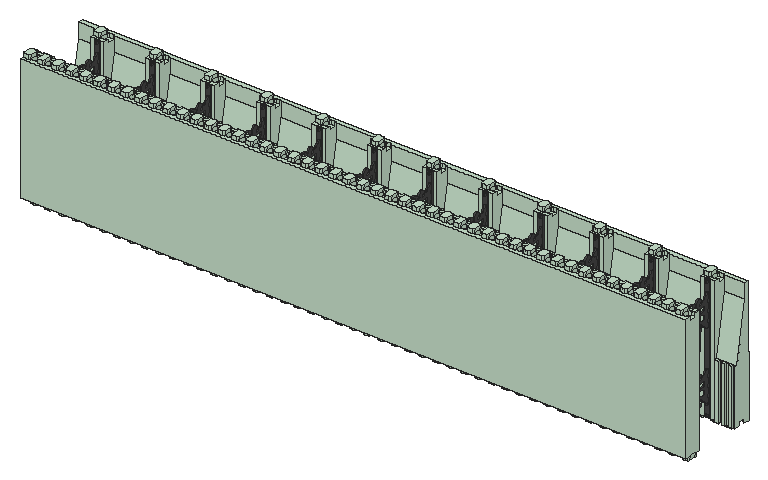
Revit family (continued)
Cuts and joins
  Extrusion 50, Extrusion 51, Extrusion 52, Extrusion 53, Extrusion 54, Extrusion 55, Extrusion 56, Extrusion 57, Extrusion 58, Extrusion 59, Extrusion 60, Extrusion 61, Extrusion 110, Extrusion 111, Extrusion 112, Extrusion 113, Extrusion 114, Extrusion 115, Extrusion 116, Extrusion 117, Extrusion 118, Extrusion 119, Extrusion 120, Extrusion 121, Extrusion 122, Extrusion 123, Extrusion 124, Extrusion 125, Extrusion 126, Extrusion 127, Extrusion 128, Extrusion 129, Extrusion 130, Extrusion 131, Extrusion 132, Extrusion 133, Extrusion 134, Extrusion 135, Extrusion 136, Extrusion 137, Extrusion 138, Extrusion 139, Extrusion 140, Extrusion 141, Extrusion 142, Extrusion 143, Extrusion 144, Extrusion 145, Extrusion 146, Extrusion 147, Extrusion 148, Extrusion 149, Extrusion 150, Extrusion 151, Extrusion 152, Extrusion 153, Extrusion 154, Extrusion 155, Extrusion 156, Extrusion 157 cuts Extrusion 158
  Extrusion 61 cuts Extrusion 159
  Extrusion 60 cuts Extrusion 160
  Extrusion 59 cuts Extrusion 161
  Extrusion 58 cuts Extrusion 162
  Extrusion 57 cuts Extrusion 163
  Extrusion 56 cuts Extrusion 164
  Extrusion 55 cuts Extrusion 165
  Extrusion 54 cuts Extrusion 166
  Extrusion 53 cuts Extrusion 168
  Extrusion 52 cuts Extrusion 169
  Extrusion 51 cuts Extrusion 170
  Extrusion 50 cuts Extrusion 171
  joined: Extrusion 158, Extrusion 159, Extrusion 160, Extrusion 161, Extrusion 162, Extrusion 163, Extrusion 164, Extrusion 165, Extrusion 166, Extrusion 168, Extrusion 169, Extrusion 170, Extrusion 171, Extrusion 172
  Extrusion 53 cuts Extrusion 167
Lines and regions (mm)
  model lines
    curve 1: line (203.2, -142.856, 457.2) -> (203.2, -142.856, 0)
    curve 2: line (2235.2, 142.894, 457.2) -> (2235.2, 142.894, 0)
    curve 3: line (1625.6, 142.894, 457.2) -> (1625.6, 142.894, 0)
    curve 4: line (1016, 142.894, 457.2) -> (1016, 142.894, 0)
    curve 5: line (406.4, 142.894, 457.2) -> (406.4, 142.894, 0)
Dimensions and locks
  aligned and locked: level to plane 2
  aligned and locked: level to Extrusion 1
Nested families
  nested 1: "NUDURA Diamond Pattern" at (0, 0.019, 0), type "NUDURA Diamond Pattern"
  nested 2: "NUDURA Diamond Pattern" at (406.4, 0.019, 0), type "NUDURA Diamond Pattern"
  nested 3: "NUDURA Diamond Pattern" at (609.6, 0.019, 0), type "NUDURA Diamond Pattern"
  nested 4: "NUDURA Diamond Pattern" at (1016, 0.019, 0), type "NUDURA Diamond Pattern"
  nested 5: "NUDURA Diamond Pattern" at (1219.2, 0.019, 0), type "NUDURA Diamond Pattern"
  nested 6: "NUDURA Diamond Pattern" at (1625.6, 0.019, 0), type "NUDURA Diamond Pattern"
  nested 7: "NUDURA Diamond Pattern" at (1828.8, 0.019, 0), type "NUDURA Diamond Pattern"
  nested 8: "NUDURA Diamond Pattern" at (2235.2, 0.019, 0), type "NUDURA Diamond Pattern"
  nested 9: "NUDURA Diamond Pattern" at (0, 0.019, 0), type "NUDURA Diamond Pattern"
  nested 10: "NUDURA Diamond Pattern" at (406.4, 0.019, 0), type "NUDURA Diamond Pattern"
  nested 11: "NUDURA Diamond Pattern" at (609.6, 0.019, 0), type "NUDURA Diamond Pattern"
  nested 12: "NUDURA Diamond Pattern" at (1016, 0.019, 0), type "NUDURA Diamond Pattern"
  nested 13: "NUDURA Diamond Pattern" at (1219.2, 0.019, 0), type "NUDURA Diamond Pattern"
  nested 14: "NUDURA Diamond Pattern" at (1625.6, 0.019, 0), type "NUDURA Diamond Pattern"
  nested 15: "NUDURA Diamond Pattern" at (1828.8, 0.019, 0), type "NUDURA Diamond Pattern"
  nested 16: "NUDURA Diamond Pattern" at (2235.2, 0.019, 0), type "NUDURA Diamond Pattern"
  nested 17: "Interlock Tooth" at (0, 0.019, 0), type "Interlock Tooth"
  nested 18: "Interlock Tooth" at (50.8, 0.019, 0), type "Interlock Tooth"
  nested 19: "Interlock Tooth" at (101.6, 0.019, 0), type "Interlock Tooth"
  nested 20: "Interlock Tooth" at (152.4, 0.019, 0), type "Interlock Tooth"
  nested 21: "Interlock Tooth" at (203.2, 0.019, 0), type "Interlock Tooth"
  nested 22: "Interlock Tooth" at (254, 0.019, 0), type "Interlock Tooth"
  nested 23: "Interlock Tooth" at (304.8, 0.019, 0), type "Interlock Tooth"
  nested 24: "Interlock Tooth" at (355.6, 0.019, 0), type "Interlock Tooth"
  nested 25: "Interlock Tooth" at (406.4, 0.019, 0), type "Interlock Tooth"
  nested 26: "Interlock Tooth" at (457.2, 0.019, 0), type "Interlock Tooth"
  nested 27: "Interlock Tooth" at (508, 0.019, 0), type "Interlock Tooth"
  nested 28: "Interlock Tooth" at (558.8, 0.019, 0), type "Interlock Tooth"
  nested 29: "Interlock Tooth" at (609.6, 0.019, 0), type "Interlock Tooth"
  nested 30: "Interlock Tooth" at (660.4, 0.019, 0), type "Interlock Tooth"
  nested 31: "Interlock Tooth" at (711.2, 0.019, 0), type "Interlock Tooth"
  nested 32: "Interlock Tooth" at (762, 0.019, 0), type "Interlock Tooth"
  nested 33: "Interlock Tooth" at (812.8, 0.019, 0), type "Interlock Tooth"
  nested 34: "Interlock Tooth" at (863.6, 0.019, 0), type "Interlock Tooth"
  nested 35: "Interlock Tooth" at (914.4, 0.019, 0), type "Interlock Tooth"
  nested 36: "Interlock Tooth" at (965.2, 0.019, 0), type "Interlock Tooth"
  nested 37: "Interlock Tooth" at (1016, 0.019, 0), type "Interlock Tooth"
  nested 38: "Interlock Tooth" at (1066.8, 0.019, 0), type "Interlock Tooth"
  nested 39: "Interlock Tooth" at (1117.6, 0.019, 0), type "Interlock Tooth"
  nested 40: "Interlock Tooth" at (1168.4, 0.019, 0), type "Interlock Tooth"
  nested 41: "Interlock Tooth" at (1219.2, 0.019, 0), type "Interlock Tooth"
  nested 42: "Interlock Tooth" at (1270, 0.019, 0), type "Interlock Tooth"
  nested 43: "Interlock Tooth" at (1320.8, 0.019, 0), type "Interlock Tooth"
  nested 44: "Interlock Tooth" at (1371.6, 0.019, 0), type "Interlock Tooth"
  nested 45: "Interlock Tooth" at (1422.4, 0.019, 0), type "Interlock Tooth"
  nested 46: "Interlock Tooth" at (1473.2, 0.019, 0), type "Interlock Tooth"
  nested 47: "Interlock Tooth" at (1524, 0.019, 0), type "Interlock Tooth"
  nested 48: "Interlock Tooth" at (1574.8, 0.019, 0), type "Interlock Tooth"
  nested 49: "Interlock Tooth" at (1625.6, 0.019, 0), type "Interlock Tooth"
  nested 50: "Interlock Tooth" at (1676.4, 0.019, 0), type "Interlock Tooth"
  nested 51: "Interlock Tooth" at (1727.2, 0.019, 0), type "Interlock Tooth"
  nested 52: "Interlock Tooth" at (1778, 0.019, 0), type "Interlock Tooth"
  nested 53: "Interlock Tooth" at (1828.8, 0.019, 0), type "Interlock Tooth"
  nested 54: "Interlock Tooth" at (1879.6, 0.019, 0), type "Interlock Tooth"
  nested 55: "Interlock Tooth" at (1930.4, 0.019, 0), type "Interlock Tooth"
  nested 56: "Interlock Tooth" at (1981.2, 0.019, 0), type "Interlock Tooth"
  nested 57: "Interlock Tooth" at (2032, 0.019, 0), type "Interlock Tooth"
  nested 58: "Interlock Tooth" at (2082.8, 0.019, 0), type "Interlock Tooth"
  nested 59: "Interlock Tooth" at (2133.6, 0.019, 0), type "Interlock Tooth"
  nested 60: "Interlock Tooth" at (2184.4, 0.019, 0), type "Interlock Tooth"
  nested 61: "Interlock Tooth" at (2235.2, 0.019, 0), type "Interlock Tooth"
  nested 62: "Interlock Tooth" at (2286, 0.019, 0), type "Interlock Tooth"
  nested 63: "Interlock Tooth" at (2336.8, 0.019, 0), type "Interlock Tooth"
  nested 64: "Interlock Tooth" at (2387.6, 0.019, 0), type "Interlock Tooth"
  nested 65: "Interlock Tooth" at (76.2, 225.444, 0), type "Interlock Tooth"
  nested 66: "Interlock Tooth" at (279.4, 225.444, 0), type "Interlock Tooth"
  nested 67: "Interlock Tooth" at (482.6, 225.444, 0), type "Interlock Tooth"
  nested 68: "Interlock Tooth" at (685.8, 225.444, 0), type "Interlock Tooth"
  nested 69: "Interlock Tooth" at (889, 225.444, 0), type "Interlock Tooth"
  nested 70: "Interlock Tooth" at (1092.2, 225.444, 0), type "Interlock Tooth"
  nested 71: "Interlock Tooth" at (1295.4, 225.444, 0), type "Interlock Tooth"
  nested 72: "Interlock Tooth" at (1498.6, 225.444, 0), type "Interlock Tooth"
  nested 73: "Interlock Tooth" at (1701.8, 225.444, 0), type "Interlock Tooth"
  nested 74: "Interlock Tooth" at (1905, 225.444, 0), type "Interlock Tooth"
  nested 75: "Interlock Tooth" at (2108.2, 225.444, 0), type "Interlock Tooth"
  nested 76: "Interlock Tooth" at (2311.4, 225.444, 0), type "Interlock Tooth"
  nested 77: "Interlock Tooth" at (25.4, -225.406, -469.9), type "Interlock Tooth"
  nested 78: "Interlock Tooth" at (76.2, -225.406, -469.9), type "Interlock Tooth"
  nested 79: "Interlock Tooth" at (127, -225.406, -469.9), type "Interlock Tooth"
  nested 80: "Interlock Tooth" at (177.8, -225.406, -469.9), type "Interlock Tooth"
  nested 81: "Interlock Tooth" at (228.6, -225.406, -469.9), type "Interlock Tooth"
  nested 82: "Interlock Tooth" at (279.4, -225.406, -469.9), type "Interlock Tooth"
  nested 83: "Interlock Tooth" at (330.2, -225.406, -469.9), type "Interlock Tooth"
  nested 84: "Interlock Tooth" at (381, -225.406, -469.9), type "Interlock Tooth"
  nested 85: "Interlock Tooth" at (431.8, -225.406, -469.9), type "Interlock Tooth"
  nested 86: "Interlock Tooth" at (482.6, -225.406, -469.9), type "Interlock Tooth"
  nested 87: "Interlock Tooth" at (533.4, -225.406, -469.9), type "Interlock Tooth"
  nested 88: "Interlock Tooth" at (584.2, -225.406, -469.9), type "Interlock Tooth"
  nested 89: "Interlock Tooth" at (635, -225.406, -469.9), type "Interlock Tooth"
  nested 90: "Interlock Tooth" at (685.8, -225.406, -469.9), type "Interlock Tooth"
  nested 91: "Interlock Tooth" at (736.6, -225.406, -469.9), type "Interlock Tooth"
  nested 92: "Interlock Tooth" at (787.4, -225.406, -469.9), type "Interlock Tooth"
  nested 93: "Interlock Tooth" at (838.2, -225.406, -469.9), type "Interlock Tooth"
  nested 94: "Interlock Tooth" at (889, -225.406, -469.9), type "Interlock Tooth"
  nested 95: "Interlock Tooth" at (939.8, -225.406, -469.9), type "Interlock Tooth"
  nested 96: "Interlock Tooth" at (990.6, -225.406, -469.9), type "Interlock Tooth"
  nested 97: "Interlock Tooth" at (1041.4, -225.406, -469.9), type "Interlock Tooth"
  nested 98: "Interlock Tooth" at (1092.2, -225.406, -469.9), type "Interlock Tooth"
  nested 99: "Interlock Tooth" at (1143, -225.406, -469.9), type "Interlock Tooth"
  nested 100: "Interlock Tooth" at (1193.8, -225.406, -469.9), type "Interlock Tooth"
  nested 101: "Interlock Tooth" at (1244.6, -225.406, -469.9), type "Interlock Tooth"
  nested 102: "Interlock Tooth" at (1295.4, -225.406, -469.9), type "Interlock Tooth"
  nested 103: "Interlock Tooth" at (1346.2, -225.406, -469.9), type "Interlock Tooth"
  nested 104: "Interlock Tooth" at (1397, -225.406, -469.9), type "Interlock Tooth"
  nested 105: "Interlock Tooth" at (1447.8, -225.406, -469.9), type "Interlock Tooth"
  nested 106: "Interlock Tooth" at (1498.6, -225.406, -469.9), type "Interlock Tooth"
  nested 107: "Interlock Tooth" at (1549.4, -225.406, -469.9), type "Interlock Tooth"
  nested 108: "Interlock Tooth" at (1600.2, -225.406, -469.9), type "Interlock Tooth"
  nested 109: "Interlock Tooth" at (1651, -225.406, -469.9), type "Interlock Tooth"
  nested 110: "Interlock Tooth" at (1701.8, -225.406, -469.9), type "Interlock Tooth"
  nested 111: "Interlock Tooth" at (1752.6, -225.406, -469.9), type "Interlock Tooth"
  nested 112: "Interlock Tooth" at (1803.4, -225.406, -469.9), type "Interlock Tooth"
  nested 113: "Interlock Tooth" at (1854.2, -225.406, -469.9), type "Interlock Tooth"
  nested 114: "Interlock Tooth" at (1905, -225.406, -469.9), type "Interlock Tooth"
  nested 115: "Interlock Tooth" at (1955.8, -225.406, -469.9), type "Interlock Tooth"
  nested 116: "Interlock Tooth" at (2006.6, -225.406, -469.9), type "Interlock Tooth"
  nested 117: "Interlock Tooth" at (2057.4, -225.406, -469.9), type "Interlock Tooth"
  nested 118: "Interlock Tooth" at (2108.2, -225.406, -469.9), type "Interlock Tooth"
  nested 119: "Interlock Tooth" at (2159, -225.406, -469.9), type "Interlock Tooth"
  nested 120: "Interlock Tooth" at (2209.8, -225.406, -469.9), type "Interlock Tooth"
  nested 121: "Interlock Tooth" at (2260.6, -225.406, -469.9), type "Interlock Tooth"
  nested 122: "Interlock Tooth" at (2311.4, -225.406, -469.9), type "Interlock Tooth"
  nested 123: "Interlock Tooth" at (2362.2, -225.406, -469.9), type "Interlock Tooth"
  nested 124: "Interlock Tooth" at (2413, -225.406, -469.9), type "Interlock Tooth"
  nested 125: "Interlock Tooth" at (0, 0.019, -469.9), type "Interlock Tooth"
  nested 126: "Interlock Tooth" at (50.8, 0.019, -469.9), type "Interlock Tooth"
  nested 127: "Interlock Tooth" at (101.6, 0.019, -469.9), type "Interlock Tooth"
  nested 128: "Interlock Tooth" at (152.4, 0.019, -469.9), type "Interlock Tooth"
  nested 129: "Interlock Tooth" at (203.2, 0.019, -469.9), type "Interlock Tooth"
  nested 130: "Interlock Tooth" at (254, 0.019, -469.9), type "Interlock Tooth"
  nested 131: "Interlock Tooth" at (304.8, 0.019, -469.9), type "Interlock Tooth"
  nested 132: "Interlock Tooth" at (355.6, 0.019, -469.9), type "Interlock Tooth"
  nested 133: "Interlock Tooth" at (406.4, 0.019, -469.9), type "Interlock Tooth"
  nested 134: "Interlock Tooth" at (457.2, 0.019, -469.9), type "Interlock Tooth"
  nested 135: "Interlock Tooth" at (508, 0.019, -469.9), type "Interlock Tooth"
  nested 136: "Interlock Tooth" at (558.8, 0.019, -469.9), type "Interlock Tooth"
  nested 137: "Interlock Tooth" at (609.6, 0.019, -469.9), type "Interlock Tooth"
  nested 138: "Interlock Tooth" at (660.4, 0.019, -469.9), type "Interlock Tooth"
  nested 139: "Interlock Tooth" at (711.2, 0.019, -469.9), type "Interlock Tooth"
  nested 140: "Interlock Tooth" at (762, 0.019, -469.9), type "Interlock Tooth"
  nested 141: "Interlock Tooth" at (812.8, 0.019, -469.9), type "Interlock Tooth"
  nested 142: "Interlock Tooth" at (863.6, 0.019, -469.9), type "Interlock Tooth"
  nested 143: "Interlock Tooth" at (914.4, 0.019, -469.9), type "Interlock Tooth"
  nested 144: "Interlock Tooth" at (965.2, 0.019, -469.9), type "Interlock Tooth"
  nested 145: "Interlock Tooth" at (1016, 0.019, -469.9), type "Interlock Tooth"
  nested 146: "Interlock Tooth" at (1066.8, 0.019, -469.9), type "Interlock Tooth"
  nested 147: "Interlock Tooth" at (1117.6, 0.019, -469.9), type "Interlock Tooth"
  nested 148: "Interlock Tooth" at (1168.4, 0.019, -469.9), type "Interlock Tooth"
  nested 149: "Interlock Tooth" at (1219.2, 0.019, -469.9), type "Interlock Tooth"
  nested 150: "Interlock Tooth" at (1270, 0.019, -469.9), type "Interlock Tooth"
  nested 151: "Interlock Tooth" at (1320.8, 0.019, -469.9), type "Interlock Tooth"
  nested 152: "Interlock Tooth" at (1371.6, 0.019, -469.9), type "Interlock Tooth"
  nested 153: "Interlock Tooth" at (1422.4, 0.019, -469.9), type "Interlock Tooth"
  nested 154: "Interlock Tooth" at (1473.2, 0.019, -469.9), type "Interlock Tooth"
  nested 155: "Interlock Tooth" at (1524, 0.019, -469.9), type "Interlock Tooth"
  nested 156: "Interlock Tooth" at (1574.8, 0.019, -469.9), type "Interlock Tooth"
  nested 157: "Interlock Tooth" at (1625.6, 0.019, -469.9), type "Interlock Tooth"
  nested 158: "Interlock Tooth" at (1676.4, 0.019, -469.9), type "Interlock Tooth"
  nested 159: "Interlock Tooth" at (1727.2, 0.019, -469.9), type "Interlock Tooth"
  nested 160: "Interlock Tooth" at (1778, 0.019, -469.9), type "Interlock Tooth"
  nested 161: "Interlock Tooth" at (1828.8, 0.019, -469.9), type "Interlock Tooth"
  nested 162: "Interlock Tooth" at (1879.6, 0.019, -469.9), type "Interlock Tooth"
  nested 163: "Interlock Tooth" at (1930.4, 0.019, -469.9), type "Interlock Tooth"
  nested 164: "Interlock Tooth" at (1981.2, 0.019, -469.9), type "Interlock Tooth"
  nested 165: "Interlock Tooth" at (2032, 0.019, -469.9), type "Interlock Tooth"
  nested 166: "Interlock Tooth" at (2082.8, 0.019, -469.9), type "Interlock Tooth"
  nested 167: "Interlock Tooth" at (2133.6, 0.019, -469.9), type "Interlock Tooth"
  nested 168: "Interlock Tooth" at (2184.4, 0.019, -469.9), type "Interlock Tooth"
  nested 169: "Interlock Tooth" at (2235.2, 0.019, -469.9), type "Interlock Tooth"
  nested 170: "Interlock Tooth" at (2286, 0.019, -469.9), type "Interlock Tooth"
  nested 171: "Interlock Tooth" at (2336.8, 0.019, -469.9), type "Interlock Tooth"
  nested 172: "Interlock Tooth" at (2387.6, 0.019, -469.9), type "Interlock Tooth"
  nested 173: "6-inch Web" at (101.6, 0.146, 0), type "6-inch Web"
  nested 174: "6-inch Web" at (304.8, 0.146, 0), type "6-inch Web"
  nested 175: "6-inch Web" at (508, 0.146, 0), type "6-inch Web"
  nested 176: "6-inch Web" at (711.2, 0.146, 0), type "6-inch Web"
  nested 177: "6-inch Web" at (914.4, 0.146, 0), type "6-inch Web"
  nested 178: "6-inch Web" at (1117.6, 0.146, 0), type "6-inch Web"
  nested 179: "6-inch Web" at (1320.8, 0.146, 0), type "6-inch Web"
  nested 180: "6-inch Web" at (1524, 0.146, 0), type "6-inch Web"
  nested 181: "6-inch Web" at (1727.2, 0.146, 0), type "6-inch Web"
  nested 182: "6-inch Web" at (1930.4, 0.146, 0), type "6-inch Web"
  nested 183: "6-inch Web" at (2133.6, 0.146, 0), type "6-inch Web"
  nested 184: "6-inch Web" at (2336.8, 0.146, 0), type "6-inch Web"
  nested 185: "NUDURA Logo Diamond" at (0, -142.856, 0), type "NUDURA Logo Diamond"
  nested 186: "NUDURA Logo Diamond" at (609.6, -142.856, 0), type "NUDURA Logo Diamond"
  nested 187: "NUDURA Logo Diamond" at (1219.2, -142.856, 0), type "NUDURA Logo Diamond"
  nested 188: "NUDURA Logo Diamond" at (1828.8, -142.856, 0), type "NUDURA Logo Diamond"
  nested 189: "NUDURA Logo Diamond" at (2438.335, 142.894, 0) x (-1, 0, 0) z (0, 0, 1), type "NUDURA Logo Diamond"
  nested 190: "NUDURA Logo Diamond" at (1828.735, 142.894, 0) x (-1, 0, 0) z (0, 0, 1), type "NUDURA Logo Diamond"
  nested 191: "NUDURA Logo Diamond" at (1219.135, 142.894, 0) x (-1, 0, 0) z (0, 0, 1), type "NUDURA Logo Diamond"
  nested 192: "NUDURA Logo Diamond" at (609.535, 142.894, 0) x (-1, 0, 0) z (0, 0, 1), type "NUDURA Logo Diamond"
Definition of nested family "Interlock Tooth"
  Reference planes
    plane 1 "Center (Front/Back)": y = 0
    plane 2: z = 0
    plane 3 "Center (Left/Right)": x = 0
    plane 4: z = 457.2
    plane 5: z = 469.9
    plane 6: z = -12.7
  Forms (mm)
    Extrusion 1, solid, material "EPS- NUDURA- Foam Panel"
      sketch origin (0, -225.425, 0) x (1, 0, 0) y (0, 1, 0)
        loop
          arc (0, 101.014) -> (1.215, 97.278) -> (4.396, 94.972) r 6.35
          arc (4.396, 94.972) -> (12.7, 93.663) -> (21.004, 94.972) r 26.988
          arc (21.004, 94.972) -> (24.185, 97.278) -> (25.4, 101.014) r 6.35
          line (25.4, 101.014) -> (25.4, 124.411)
          arc (25.4, 124.411) -> (24.185, 128.147) -> (21.004, 130.453) r 6.35
          arc (21.004, 130.453) -> (12.7, 131.763) -> (4.396, 130.453) r 26.987
          arc (4.396, 130.453) -> (1.215, 128.147) -> (0, 124.411) r 6.35
          line (0, 124.411) -> (0, 101.014)
      from 457.2 to 469.9
  Dimensions and locks
    locked: plane 4 to level at 457.2
    locked: plane 4 to plane 5 at 12.7
    locked: plane 6 to level at 12.7
Definition of nested family "6-inch Web"
  Reference planes
    plane 1 "Center (Front/Back)": y = 0
    plane 2: z = 0
    plane 3 "Center (Left/Right)": x = 0
  Forms (mm)
    Extrusion 1, solid, material "Polypropylene- NUDURA"
      sketch origin (0, 0, -12.7) x (0, 1, 0) y (0, 0, 1)
        loop
          line (76.073, 91.536) -> (73.264, 91.536) -> (73.264, 93.314) -> (79.438, 93.314)
          arc (79.438, 93.314) -> (80.561, 92.849) -> (81.026, 91.727) r 1.587
          line (81.026, 91.727) -> (81.026, 111.666)
          arc (81.026, 111.666) -> (80.561, 110.543) -> (79.438, 110.078) r 1.587
          line (79.438, 110.078) -> (73.264, 110.078) -> (73.264, 111.856) -> (76.073, 111.856) -> (76.073, 124.556) -> (73.264, 124.556) -> (73.264, 126.334) -> (79.438, 126.334)
          arc (79.438, 126.334) -> (80.561, 125.869) -> (81.026, 124.747) r 1.587
          line (81.026, 124.747) -> (81.026, 144.686)
          arc (81.026, 144.686) -> (80.561, 143.563) -> (79.438, 143.098) r 1.587
          line (79.438, 143.098) -> (73.264, 143.098) -> (73.264, 144.876) -> (76.073, 144.876) -> (76.073, 157.576) -> (73.264, 157.576) -> (73.264, 159.354) -> (79.438, 159.354)
          arc (79.438, 159.354) -> (80.561, 158.889) -> (81.026, 157.767) r 1.588
          line (81.026, 157.767) -> (81.026, 172.997) -> (78.486, 172.997)
          arc (78.486, 172.997) -> (75.845, 170.382) -> (72.559, 168.643) r 12.7
          arc (72.559, 168.643) -> (69.491, 166.323) -> (68.326, 162.656) r 6.35
          line (68.326, 162.656) -> (68.326, 160.942)
          arc (68.326, 160.942) -> (68.791, 159.819) -> (69.913, 159.354) r 1.588
          line (69.913, 159.354) -> (71.367, 159.354) -> (71.367, 157.576) -> (68.453, 157.576)
          arc (68.453, 157.576) -> (63.342, 157.805) -> (58.381, 159.053) r 25.4
          arc (58.381, 159.053) -> (56.106, 158.583) -> (55.418, 156.364) r 2.286
          arc (55.418, 156.364) -> (44.309, 147.703) -> (45.002, 161.771) r 7.747
          arc (45.002, 161.771) -> (48.114, 169.035) -> (40.85, 172.148) r 5.588
          arc (40.85, 172.148) -> (33.539, 166.926) -> (29.461, 158.921) r 18.923
          arc (29.461, 158.921) -> (27.769, 151.01) -> (25.249, 143.323) r 76.2
          arc (25.249, 143.323) -> (12.33, 141.646) -> (16.15, 154.1) r 7.747
          arc (16.15, 154.1) -> (20.591, 159.798) -> (16.474, 165.735) r 6.096
          arc (16.474, 165.735) -> (8.351, 167.789) -> (0, 168.48) r 50.8
          arc (0, 168.48) -> (-8.351, 167.789) -> (-16.474, 165.735) r 50.8
          arc (-16.474, 165.735) -> (-20.591, 159.798) -> (-16.15, 154.1) r 6.096
          arc (-16.15, 154.1) -> (-12.33, 141.646) -> (-25.249, 143.323) r 7.747
          arc (-25.249, 143.323) -> (-27.769, 151.01) -> (-29.461, 158.921) r 76.2
          arc (-29.461, 158.921) -> (-33.539, 166.926) -> (-40.85, 172.148) r 18.923
          arc (-40.85, 172.148) -> (-48.114, 169.035) -> (-45.002, 161.771) r 5.588
          arc (-45.002, 161.771) -> (-44.309, 147.703) -> (-55.418, 156.364) r 7.747
          arc (-55.418, 156.364) -> (-56.106, 158.583) -> (-58.381, 159.053) r 2.286
          arc (-58.381, 159.053) -> (-63.342, 157.805) -> (-68.453, 157.576) r 25.4
          line (-68.453, 157.576) -> (-71.367, 157.576) -> (-71.367, 159.354) -> (-69.913, 159.354)
          arc (-69.913, 159.354) -> (-68.791, 159.819) -> (-68.326, 160.942) r 1.588
          line (-68.326, 160.942) -> (-68.326, 162.656)
          arc (-68.326, 162.656) -> (-69.491, 166.323) -> (-72.559, 168.643) r 6.35
          arc (-72.559, 168.643) -> (-75.845, 170.382) -> (-78.486, 172.997) r 12.7
          line (-78.486, 172.997) -> (-81.026, 172.997) -> (-81.026, 157.767)
          arc (-81.026, 157.767) -> (-80.561, 158.889) -> (-79.438, 159.354) r 1.588
          line (-79.438, 159.354) -> (-73.264, 159.354) -> (-73.264, 157.576) -> (-76.073, 157.576) -> (-76.073, 144.876) -> (-73.264, 144.876) -> (-73.264, 143.098) -> (-79.438, 143.098)
          arc (-79.438, 143.098) -> (-80.561, 143.563) -> (-81.026, 144.686) r 1.587
          line (-81.026, 144.686) -> (-81.026, 124.747)
          arc (-81.026, 124.747) -> (-80.561, 125.869) -> (-79.438, 126.334) r 1.587
          line (-79.438, 126.334) -> (-73.264, 126.334) -> (-73.264, 124.556) -> (-76.073, 124.556) -> (-76.073, 111.856) -> (-73.264, 111.856) -> (-73.264, 110.078) -> (-79.438, 110.078)
          arc (-79.438, 110.078) -> (-80.561, 110.543) -> (-81.026, 111.666) r 1.587
          line (-81.026, 111.666) -> (-81.026, 91.727)
          arc (-81.026, 91.727) -> (-80.561, 92.849) -> (-79.438, 93.314) r 1.587
          line (-79.438, 93.314) -> (-73.264, 93.314) -> (-73.264, 91.536) -> (-76.073, 91.536) -> (-76.073, 78.837) -> (-73.264, 78.837) -> (-73.264, 77.058) -> (-79.438, 77.058)
          arc (-79.438, 77.058) -> (-80.561, 77.523) -> (-81.026, 78.646) r 1.587
          line (-81.026, 78.646) -> (-81.026, 55.796)
          arc (-81.026, 55.796) -> (-78.695, 63.128) -> (-72.559, 67.77) r 12.7
          arc (-72.559, 67.77) -> (-69.491, 70.09) -> (-68.326, 73.756) r 6.35
          line (-68.326, 73.756) -> (-68.326, 75.471)
          arc (-68.326, 75.471) -> (-68.791, 76.593) -> (-69.913, 77.058) r 1.588
          line (-69.913, 77.058) -> (-71.367, 77.058) -> (-71.367, 78.837) -> (-68.453, 78.837)
          arc (-68.453, 78.837) -> (-63.342, 78.608) -> (-58.381, 77.359) r 25.4
          arc (-58.381, 77.359) -> (-56.106, 77.83) -> (-55.418, 80.049) r 2.286
          arc (-55.418, 80.049) -> (-44.309, 88.71) -> (-45.002, 74.641) r 7.747
          arc (-45.002, 74.641) -> (-48.114, 67.378) -> (-40.85, 64.265) r 5.588
          arc (-40.85, 64.265) -> (-33.539, 69.487) -> (-29.461, 77.492) r 18.923
          arc (-29.461, 77.492) -> (-27.769, 85.403) -> (-25.249, 93.09) r 76.2
          arc (-25.249, 93.09) -> (-12.33, 94.767) -> (-16.15, 82.312) r 7.747
          arc (-16.15, 82.312) -> (-20.591, 76.615) -> (-16.474, 70.678) r 6.096
          arc (-16.474, 70.678) -> (-8.351, 68.624) -> (0, 67.933) r 50.8
          arc (0, 67.933) -> (8.351, 68.624) -> (16.474, 70.678) r 50.8
          arc (16.474, 70.678) -> (20.591, 76.615) -> (16.15, 82.312) r 6.096
          arc (16.15, 82.312) -> (12.33, 94.767) -> (25.249, 93.09) r 7.747
          arc (25.249, 93.09) -> (27.769, 85.403) -> (29.461, 77.492) r 76.2
          arc (29.461, 77.492) -> (33.539, 69.487) -> (40.85, 64.265) r 18.923
          arc (40.85, 64.265) -> (48.114, 67.378) -> (45.002, 74.641) r 5.588
          arc (45.002, 74.641) -> (44.309, 88.71) -> (55.418, 80.049) r 7.747
          arc (55.418, 80.049) -> (56.106, 77.83) -> (58.381, 77.359) r 2.286
          arc (58.381, 77.359) -> (63.342, 78.608) -> (68.453, 78.837) r 25.4
          line (68.453, 78.837) -> (71.367, 78.837) -> (71.367, 77.058) -> (69.913, 77.058)
          arc (69.913, 77.058) -> (68.791, 76.593) -> (68.326, 75.471) r 1.588
          line (68.326, 75.471) -> (68.326, 73.756)
          arc (68.326, 73.756) -> (69.491, 70.09) -> (72.559, 67.77) r 6.35
          arc (72.559, 67.77) -> (78.695, 63.128) -> (81.026, 55.796) r 12.7
          line (81.026, 55.796) -> (81.026, 78.646)
          arc (81.026, 78.646) -> (80.561, 77.523) -> (79.438, 77.058) r 1.587
          line (79.438, 77.058) -> (73.264, 77.058) -> (73.264, 78.837) -> (76.073, 78.837) -> (76.073, 91.536)
        loop
          arc (9.884, 115.92) -> (4.076, 110.709) -> (8.63, 104.373) r 5.842
          line (8.63, 104.373) -> (64.795, 92.141)
          arc (64.795, 92.141) -> (66.613, 91.772) -> (68.453, 91.536) r 25.4
          line (68.453, 91.536) -> (71.367, 91.536) -> (71.367, 93.314) -> (69.913, 93.314)
          arc (69.913, 93.314) -> (68.791, 93.779) -> (68.326, 94.902) r 1.588
          line (68.326, 94.902) -> (68.326, 108.491)
          arc (68.326, 108.491) -> (68.791, 109.613) -> (69.913, 110.078) r 1.588
          line (69.913, 110.078) -> (71.367, 110.078) -> (71.367, 111.856) -> (68.453, 111.856)
          arc (68.453, 111.856) -> (67.092, 112.052) -> (65.821, 112.576) r 5.556
          arc (65.821, 112.576) -> (58.287, 115.001) -> (50.426, 115.92) r 40.64
          line (50.426, 115.92) -> (9.884, 115.92)
        loop
          line (68.453, 124.556) -> (71.367, 124.556) -> (71.367, 126.334) -> (69.913, 126.334)
          arc (69.913, 126.334) -> (68.791, 126.799) -> (68.326, 127.922) r 1.588
          line (68.326, 127.922) -> (68.326, 141.511)
          arc (68.326, 141.511) -> (68.791, 142.633) -> (69.913, 143.098) r 1.588
          line (69.913, 143.098) -> (71.367, 143.098) -> (71.367, 144.876) -> (68.453, 144.876)
          arc (68.453, 144.876) -> (66.613, 144.641) -> (64.795, 144.272) r 25.4
          line (64.795, 144.272) -> (8.63, 132.04)
          arc (8.63, 132.04) -> (4.076, 125.704) -> (9.884, 120.492) r 5.842
          line (9.884, 120.492) -> (50.426, 120.492)
          arc (50.426, 120.492) -> (58.287, 121.411) -> (65.821, 123.837) r 40.64
          arc (65.821, 123.837) -> (67.092, 124.361) -> (68.453, 124.556) r 5.556
        loop
          line (-65.908, 91.899) -> (-8.63, 104.373)
          arc (-8.63, 104.373) -> (-4.076, 110.709) -> (-9.884, 115.92) r 5.842
          line (-9.884, 115.92) -> (-50.426, 115.92)
          arc (-50.426, 115.92) -> (-58.287, 115.001) -> (-65.821, 112.576) r 40.64
          arc (-65.821, 112.576) -> (-67.092, 112.052) -> (-68.453, 111.856) r 5.556
          line (-68.453, 111.856) -> (-71.367, 111.856) -> (-71.367, 110.078) -> (-69.913, 110.078)
          arc (-69.913, 110.078) -> (-68.791, 109.613) -> (-68.326, 108.491) r 1.588
          line (-68.326, 108.491) -> (-68.326, 94.902)
          arc (-68.326, 94.902) -> (-68.791, 93.779) -> (-69.913, 93.314) r 1.588
          line (-69.913, 93.314) -> (-71.367, 93.314) -> (-71.367, 91.536) -> (-68.453, 91.536)
          arc (-68.453, 91.536) -> (-67.176, 91.685) -> (-65.908, 91.899) r 25.4
        loop
          arc (-68.453, 124.556) -> (-67.092, 124.361) -> (-65.821, 123.837) r 5.556
          arc (-65.821, 123.837) -> (-58.287, 121.411) -> (-50.426, 120.492) r 40.64
          line (-50.426, 120.492) -> (-9.884, 120.492)
          arc (-9.884, 120.492) -> (-4.076, 125.704) -> (-8.63, 132.04) r 5.842
          line (-8.63, 132.04) -> (-64.795, 144.272)
          arc (-64.795, 144.272) -> (-66.613, 144.641) -> (-68.453, 144.876) r 25.4
          line (-68.453, 144.876) -> (-71.367, 144.876) -> (-71.367, 143.098) -> (-69.913, 143.098)
          arc (-69.913, 143.098) -> (-68.791, 142.633) -> (-68.326, 141.511) r 1.588
          line (-68.326, 141.511) -> (-68.326, 127.922)
          arc (-68.326, 127.922) -> (-68.791, 126.799) -> (-69.913, 126.334) r 1.588
          line (-69.913, 126.334) -> (-71.367, 126.334) -> (-71.367, 124.556) -> (-68.453, 124.556)
        loop
          arc (81.026, 25.02) -> (80.867, 24.651) -> (80.49, 24.513) r 0.508
          line (80.49, 24.513) -> (76.482, 24.735)
          arc (76.482, 24.735) -> (76.105, 24.597) -> (75.946, 24.228) r 0.508
          line (75.946, 24.228) -> (75.946, 22.419)
          arc (75.946, 22.419) -> (76.051, 22.033) -> (76.338, 21.753) r 0.762
          line (76.338, 21.753) -> (80.634, 19.367)
          arc (80.634, 19.367) -> (80.921, 19.087) -> (81.026, 18.7) r 0.762
          line (81.026, 18.7) -> (81.026, 25.02)
        loop
          line (-81.026, 25.02) -> (-81.026, 18.7)
          arc (-81.026, 18.7) -> (-80.921, 19.087) -> (-80.634, 19.367) r 0.762
          line (-80.634, 19.367) -> (-76.338, 21.753)
          arc (-76.338, 21.753) -> (-76.051, 22.033) -> (-75.946, 22.419) r 0.762
          line (-75.946, 22.419) -> (-75.946, 24.228)
          arc (-75.946, 24.228) -> (-76.105, 24.597) -> (-76.482, 24.735) r 0.508
          line (-76.482, 24.735) -> (-80.49, 24.513)
          arc (-80.49, 24.513) -> (-80.867, 24.651) -> (-81.026, 25.02) r 0.508
        loop
          line (76.073, 391.064) -> (76.073, 403.763) -> (73.264, 403.763) -> (73.264, 405.542) -> (79.438, 405.542)
          arc (79.438, 405.542) -> (80.561, 405.077) -> (81.026, 403.954) r 1.587
          line (81.026, 403.954) -> (81.026, 426.804)
          arc (81.026, 426.804) -> (78.695, 419.472) -> (72.559, 414.83) r 12.7
          arc (72.559, 414.83) -> (69.491, 412.51) -> (68.326, 408.844) r 6.35
          line (68.326, 408.844) -> (68.326, 407.129)
          arc (68.326, 407.129) -> (68.791, 406.007) -> (69.913, 405.542) r 1.588
          line (69.913, 405.542) -> (71.367, 405.542) -> (71.367, 403.763) -> (68.453, 403.763)
          arc (68.453, 403.763) -> (63.342, 403.992) -> (58.381, 405.241) r 25.4
          arc (58.381, 405.241) -> (56.106, 404.77) -> (55.418, 402.551) r 2.286
          arc (55.418, 402.551) -> (44.309, 393.89) -> (45.002, 407.959) r 7.747
          arc (45.002, 407.959) -> (48.114, 415.222) -> (40.85, 418.335) r 5.588
          arc (40.85, 418.335) -> (33.539, 413.113) -> (29.461, 405.108) r 18.923
          arc (29.461, 405.108) -> (27.769, 397.197) -> (25.249, 389.51) r 76.2
          arc (25.249, 389.51) -> (12.33, 387.833) -> (16.15, 400.288) r 7.747
          arc (16.15, 400.288) -> (20.591, 405.985) -> (16.474, 411.922) r 6.096
          arc (16.474, 411.922) -> (8.351, 413.976) -> (0, 414.667) r 50.8
          arc (0, 414.667) -> (-8.351, 413.976) -> (-16.474, 411.922) r 50.8
          arc (-16.474, 411.922) -> (-20.591, 405.985) -> (-16.15, 400.288) r 6.096
          arc (-16.15, 400.288) -> (-12.33, 387.833) -> (-25.249, 389.51) r 7.747
          arc (-25.249, 389.51) -> (-27.769, 397.197) -> (-29.461, 405.108) r 76.2
          arc (-29.461, 405.108) -> (-33.539, 413.113) -> (-40.85, 418.335) r 18.923
          arc (-40.85, 418.335) -> (-48.114, 415.222) -> (-45.002, 407.959) r 5.588
          arc (-45.002, 407.959) -> (-44.309, 393.89) -> (-55.418, 402.551) r 7.747
          arc (-55.418, 402.551) -> (-56.106, 404.77) -> (-58.381, 405.241) r 2.286
          arc (-58.381, 405.241) -> (-63.342, 403.992) -> (-68.453, 403.763) r 25.4
          line (-68.453, 403.763) -> (-71.367, 403.763) -> (-71.367, 405.542) -> (-69.913, 405.542)
          arc (-69.913, 405.542) -> (-68.791, 406.007) -> (-68.326, 407.129) r 1.588
          line (-68.326, 407.129) -> (-68.326, 408.844)
          arc (-68.326, 408.844) -> (-69.491, 412.51) -> (-72.559, 414.83) r 6.35
          arc (-72.559, 414.83) -> (-78.695, 419.472) -> (-81.026, 426.804) r 12.7
          line (-81.026, 426.804) -> (-81.026, 403.954)
          arc (-81.026, 403.954) -> (-80.561, 405.077) -> (-79.438, 405.542) r 1.587
          line (-79.438, 405.542) -> (-73.264, 405.542) -> (-73.264, 403.763) -> (-76.073, 403.763) -> (-76.073, 391.064) -> (-73.264, 391.064) -> (-73.264, 389.286) -> (-79.438, 389.286)
          arc (-79.438, 389.286) -> (-80.561, 389.751) -> (-81.026, 390.873) r 1.587
          line (-81.026, 390.873) -> (-81.026, 370.934)
          arc (-81.026, 370.934) -> (-80.561, 372.057) -> (-79.438, 372.522) r 1.587
          line (-79.438, 372.522) -> (-73.264, 372.522) -> (-73.264, 370.744) -> (-76.073, 370.744) -> (-76.073, 358.044) -> (-73.264, 358.044) -> (-73.264, 356.266) -> (-79.438, 356.266)
          arc (-79.438, 356.266) -> (-80.561, 356.731) -> (-81.026, 357.853) r 1.587
          line (-81.026, 357.853) -> (-81.026, 337.914)
          arc (-81.026, 337.914) -> (-80.561, 339.037) -> (-79.438, 339.502) r 1.587
          line (-79.438, 339.502) -> (-73.264, 339.502) -> (-73.264, 337.724) -> (-76.073, 337.724) -> (-76.073, 325.024) -> (-73.264, 325.024) -> (-73.264, 323.246) -> (-79.438, 323.246)
          arc (-79.438, 323.246) -> (-80.561, 323.711) -> (-81.026, 324.833) r 1.588
          line (-81.026, 324.833) -> (-81.026, 309.603) -> (-78.486, 309.603)
          arc (-78.486, 309.603) -> (-75.845, 312.218) -> (-72.559, 313.957) r 12.7
          arc (-72.559, 313.957) -> (-69.491, 316.277) -> (-68.326, 319.944) r 6.35
          line (-68.326, 319.944) -> (-68.326, 321.658)
          arc (-68.326, 321.658) -> (-68.791, 322.781) -> (-69.913, 323.246) r 1.588
          line (-69.913, 323.246) -> (-71.367, 323.246) -> (-71.367, 325.024) -> (-68.453, 325.024)
          arc (-68.453, 325.024) -> (-63.342, 324.795) -> (-58.381, 323.547) r 25.4
          arc (-58.381, 323.547) -> (-56.106, 324.017) -> (-55.418, 326.236) r 2.286
          arc (-55.418, 326.236) -> (-44.309, 334.897) -> (-45.002, 320.829) r 7.747
          arc (-45.002, 320.829) -> (-48.114, 313.565) -> (-40.85, 310.452) r 5.588
          arc (-40.85, 310.452) -> (-33.539, 315.674) -> (-29.461, 323.679) r 18.923
          arc (-29.461, 323.679) -> (-27.769, 331.59) -> (-25.249, 339.277) r 76.2
          arc (-25.249, 339.277) -> (-12.33, 340.954) -> (-16.15, 328.5) r 7.747
          arc (-16.15, 328.5) -> (-20.591, 322.802) -> (-16.474, 316.865) r 6.096
          arc (-16.474, 316.865) -> (-8.351, 314.811) -> (0, 314.12) r 50.8
          arc (0, 314.12) -> (8.351, 314.811) -> (16.474, 316.865) r 50.8
          arc (16.474, 316.865) -> (20.591, 322.802) -> (16.15, 328.5) r 6.096
          arc (16.15, 328.5) -> (12.33, 340.954) -> (25.249, 339.277) r 7.747
          arc (25.249, 339.277) -> (27.769, 331.59) -> (29.461, 323.679) r 76.2
          arc (29.461, 323.679) -> (33.539, 315.674) -> (40.85, 310.452) r 18.923
          arc (40.85, 310.452) -> (48.114, 313.565) -> (45.002, 320.829) r 5.588
          arc (45.002, 320.829) -> (44.309, 334.897) -> (55.418, 326.236) r 7.747
          arc (55.418, 326.236) -> (56.106, 324.017) -> (58.381, 323.547) r 2.286
          arc (58.381, 323.547) -> (63.342, 324.795) -> (68.453, 325.024) r 25.4
          line (68.453, 325.024) -> (71.367, 325.024) -> (71.367, 323.246) -> (69.913, 323.246)
          arc (69.913, 323.246) -> (68.791, 322.781) -> (68.326, 321.658) r 1.588
          line (68.326, 321.658) -> (68.326, 319.944)
          arc (68.326, 319.944) -> (69.491, 316.277) -> (72.559, 313.957) r 6.35
          arc (72.559, 313.957) -> (75.845, 312.218) -> (78.486, 309.603) r 12.7
          line (78.486, 309.603) -> (81.026, 309.603) -> (81.026, 324.833)
          arc (81.026, 324.833) -> (80.561, 323.711) -> (79.438, 323.246) r 1.588
          line (79.438, 323.246) -> (73.264, 323.246) -> (73.264, 325.024) -> (76.073, 325.024) -> (76.073, 337.724) -> (73.264, 337.724) -> (73.264, 339.502) -> (79.438, 339.502)
          arc (79.438, 339.502) -> (80.561, 339.037) -> (81.026, 337.914) r 1.587
          line (81.026, 337.914) -> (81.026, 357.853)
          arc (81.026, 357.853) -> (80.561, 356.731) -> (79.438, 356.266) r 1.587
          line (79.438, 356.266) -> (73.264, 356.266) -> (73.264, 358.044) -> (76.073, 358.044) -> (76.073, 370.744) -> (73.264, 370.744) -> (73.264, 372.522) -> (79.438, 372.522)
          arc (79.438, 372.522) -> (80.561, 372.057) -> (81.026, 370.934) r 1.587
          line (81.026, 370.934) -> (81.026, 390.873)
          arc (81.026, 390.873) -> (80.561, 389.751) -> (79.438, 389.286) r 1.587
          line (79.438, 389.286) -> (73.264, 389.286) -> (73.264, 391.064) -> (76.073, 391.064)
        loop
          line (9.884, 366.68) -> (50.426, 366.68)
          arc (50.426, 366.68) -> (58.287, 367.599) -> (65.821, 370.024) r 40.64
          arc (65.821, 370.024) -> (67.092, 370.548) -> (68.453, 370.744) r 5.556
          line (68.453, 370.744) -> (71.367, 370.744) -> (71.367, 372.522) -> (69.913, 372.522)
          arc (69.913, 372.522) -> (68.791, 372.987) -> (68.326, 374.109) r 1.588
          line (68.326, 374.109) -> (68.326, 387.698)
          arc (68.326, 387.698) -> (68.791, 388.821) -> (69.913, 389.286) r 1.588
          line (69.913, 389.286) -> (71.367, 389.286) -> (71.367, 391.064) -> (68.453, 391.064)
          arc (68.453, 391.064) -> (66.613, 390.828) -> (64.795, 390.459) r 25.4
          line (64.795, 390.459) -> (8.63, 378.227)
          arc (8.63, 378.227) -> (4.076, 371.891) -> (9.884, 366.68) r 5.842
        loop
          arc (68.453, 358.044) -> (67.092, 358.239) -> (65.821, 358.763) r 5.556
          arc (65.821, 358.763) -> (58.287, 361.189) -> (50.426, 362.108) r 40.64
          line (50.426, 362.108) -> (9.884, 362.108)
          arc (9.884, 362.108) -> (4.076, 356.896) -> (8.63, 350.56) r 5.842
          line (8.63, 350.56) -> (64.795, 338.328)
          arc (64.795, 338.328) -> (66.613, 337.959) -> (68.453, 337.724) r 25.4
          line (68.453, 337.724) -> (71.367, 337.724) -> (71.367, 339.502) -> (69.913, 339.502)
          arc (69.913, 339.502) -> (68.791, 339.967) -> (68.326, 341.089) r 1.588
          line (68.326, 341.089) -> (68.326, 354.678)
          arc (68.326, 354.678) -> (68.791, 355.801) -> (69.913, 356.266) r 1.588
          line (69.913, 356.266) -> (71.367, 356.266) -> (71.367, 358.044) -> (68.453, 358.044)
        loop
          arc (-65.908, 390.701) -> (-67.176, 390.915) -> (-68.453, 391.064) r 25.4
          line (-68.453, 391.064) -> (-71.367, 391.064) -> (-71.367, 389.286) -> (-69.913, 389.286)
          arc (-69.913, 389.286) -> (-68.791, 388.821) -> (-68.326, 387.698) r 1.588
          line (-68.326, 387.698) -> (-68.326, 374.109)
          arc (-68.326, 374.109) -> (-68.791, 372.987) -> (-69.913, 372.522) r 1.588
          line (-69.913, 372.522) -> (-71.367, 372.522) -> (-71.367, 370.744) -> (-68.453, 370.744)
          arc (-68.453, 370.744) -> (-67.092, 370.548) -> (-65.821, 370.024) r 5.556
          arc (-65.821, 370.024) -> (-58.287, 367.599) -> (-50.426, 366.68) r 40.64
          line (-50.426, 366.68) -> (-9.884, 366.68)
          arc (-9.884, 366.68) -> (-4.076, 371.891) -> (-8.63, 378.227) r 5.842
          line (-8.63, 378.227) -> (-65.908, 390.701)
        loop
          line (-68.453, 358.044) -> (-71.367, 358.044) -> (-71.367, 356.266) -> (-69.913, 356.266)
          arc (-69.913, 356.266) -> (-68.791, 355.801) -> (-68.326, 354.678) r 1.588
          line (-68.326, 354.678) -> (-68.326, 341.089)
          arc (-68.326, 341.089) -> (-68.791, 339.967) -> (-69.913, 339.502) r 1.588
          line (-69.913, 339.502) -> (-71.367, 339.502) -> (-71.367, 337.724) -> (-68.453, 337.724)
          arc (-68.453, 337.724) -> (-66.613, 337.959) -> (-64.795, 338.328) r 25.4
          line (-64.795, 338.328) -> (-8.63, 350.56)
          arc (-8.63, 350.56) -> (-4.076, 356.896) -> (-9.884, 362.108) r 5.842
          line (-9.884, 362.108) -> (-50.426, 362.108)
          arc (-50.426, 362.108) -> (-58.287, 361.189) -> (-65.821, 358.763) r 40.64
          arc (-65.821, 358.763) -> (-67.092, 358.239) -> (-68.453, 358.044) r 5.556
        loop
          line (81.026, 457.58) -> (81.026, 463.9)
          arc (81.026, 463.9) -> (80.921, 463.513) -> (80.634, 463.233) r 0.762
          line (80.634, 463.233) -> (76.338, 460.847)
          arc (76.338, 460.847) -> (76.051, 460.567) -> (75.946, 460.181) r 0.762
          line (75.946, 460.181) -> (75.946, 458.372)
          arc (75.946, 458.372) -> (76.105, 458.003) -> (76.482, 457.865) r 0.508
          line (76.482, 457.865) -> (80.49, 458.087)
          arc (80.49, 458.087) -> (80.867, 457.949) -> (81.026, 457.58) r 0.508
        loop
          arc (-81.026, 457.58) -> (-80.867, 457.949) -> (-80.49, 458.087) r 0.508
          line (-80.49, 458.087) -> (-76.482, 457.865)
          arc (-76.482, 457.865) -> (-76.105, 458.003) -> (-75.946, 458.372) r 0.508
          line (-75.946, 458.372) -> (-75.946, 460.181)
          arc (-75.946, 460.181) -> (-76.051, 460.567) -> (-76.338, 460.847) r 0.762
          line (-76.338, 460.847) -> (-80.634, 463.233)
          arc (-80.634, 463.233) -> (-80.921, 463.513) -> (-81.026, 463.9) r 0.762
          line (-81.026, 463.9) -> (-81.026, 457.58)
      from -3.175 to 3.175
    Extrusion 2, solid, material "Polypropylene- NUDURA"
      sketch origin (0, 0, 0) x (0, 1, 0) y (0, 0, 1)
        loop
          line (81.026, 452.438) -> (81.026, 4.762)
          arc (81.026, 4.762) -> (81.514, 3.618) -> (82.677, 3.176) r 1.588
          arc (82.677, 3.176) -> (83.84, 3.618) -> (84.328, 4.762) r 1.588
          line (84.328, 4.762) -> (84.328, 452.437)
          arc (84.328, 452.437) -> (83.84, 453.582) -> (82.677, 454.024) r 1.588
          arc (82.677, 454.024) -> (81.514, 453.582) -> (81.026, 452.438) r 1.588
        loop
          arc (-81.026, 452.438) -> (-81.514, 453.582) -> (-82.677, 454.024) r 1.588
          arc (-82.677, 454.024) -> (-83.84, 453.582) -> (-84.328, 452.437) r 1.588
          line (-84.328, 452.437) -> (-84.328, 4.762)
          arc (-84.328, 4.762) -> (-83.84, 3.618) -> (-82.677, 3.176) r 1.588
          arc (-82.677, 3.176) -> (-81.514, 3.618) -> (-81.026, 4.762) r 1.588
          line (-81.026, 4.762) -> (-81.026, 452.438)
      from -9.227 to 9.227
Definition of nested family "NUDURA Diamond Pattern"
  Reference planes
    plane 1 "Center (Front/Back)": y = 0
    plane 2: z = 0
    plane 3 "Center (Left/Right)": x = 0
    plane 4: z = 457.2
  Lines and regions (mm)
    model lines
      curve 1: line (203.2, -142.875, 457.2) -> (203.2, -142.875, 0)
      curve 2: line (152.4, -142.875, 457.2) -> (152.4, -142.875, 0)
      curve 3: line (50.8, -142.875, 457.2) -> (50.8, -142.875, 0)
      curve 4: line (85.183, -142.875, 431.415) -> (93.906, -142.875, 422.692)
      curve 5: arc (85.183, -142.875, 444.885) -> (82.394, -142.875, 438.15) -> (85.183, -142.875, 431.415) r 9.525
      curve 6: line (94.708, -142.875, 454.41) -> (85.183, -142.875, 444.885)
      curve 7: arc (108.179, -142.875, 454.41) -> (101.444, -142.875, 457.2) -> (94.708, -142.875, 454.41) r 9.525
      curve 8: line (117.704, -142.875, 444.885) -> (108.179, -142.875, 454.41)
      curve 9: arc (117.704, -142.875, 431.415) -> (120.494, -142.875, 438.15) -> (117.704, -142.875, 444.885) r 9.525
      curve 10: line (108.981, -142.875, 422.692) -> (117.704, -142.875, 431.415)
      curve 11: arc (105.934, -142.875, 452.165) -> (101.444, -142.875, 454.025) -> (96.953, -142.875, 452.165) r 6.35
      curve 12: line (115.459, -142.875, 442.64) -> (105.934, -142.875, 452.165)
      curve 13: arc (115.459, -142.875, 433.66) -> (117.319, -142.875, 438.15) -> (115.459, -142.875, 442.64) r 6.35
      curve 14: line (105.934, -142.875, 424.135) -> (115.459, -142.875, 433.66)
      curve 15: arc (96.953, -142.875, 424.135) -> (101.444, -142.875, 422.275) -> (105.934, -142.875, 424.135) r 6.35
      curve 16: line (87.428, -142.875, 433.66) -> (96.953, -142.875, 424.135)
      curve 17: arc (87.428, -142.875, 442.64) -> (85.569, -142.875, 438.15) -> (87.428, -142.875, 433.66) r 6.35
      curve 18: line (96.953, -142.875, 452.165) -> (87.428, -142.875, 442.64)
      curve 19: arc (93.906, -142.875, 415.508) -> (95.394, -142.875, 419.1) -> (93.906, -142.875, 422.692) r 5.08
      curve 20: line (117.704, -142.875, 406.785) -> (108.981, -142.875, 415.508)
      curve 21: arc (117.704, -142.875, 393.315) -> (120.494, -142.875, 400.05) -> (117.704, -142.875, 406.785) r 9.525
      curve 22: line (108.981, -142.875, 384.592) -> (117.704, -142.875, 393.315)
      curve 23: line (85.183, -142.875, 393.315) -> (93.906, -142.875, 384.592)
      curve 24: arc (85.183, -142.875, 406.785) -> (82.394, -142.875, 400.05) -> (85.183, -142.875, 393.315) r 9.525
      curve 25: line (93.906, -142.875, 415.508) -> (85.183, -142.875, 406.785)
      curve 26: arc (105.934, -142.875, 414.065) -> (101.444, -142.875, 415.925) -> (96.953, -142.875, 414.065) r 6.35
      curve 27: line (96.953, -142.875, 414.065) -> (87.428, -142.875, 404.54)
      curve 28: arc (87.428, -142.875, 404.54) -> (85.569, -142.875, 400.05) -> (87.428, -142.875, 395.56) r 6.35
      curve 29: line (87.428, -142.875, 395.56) -> (96.953, -142.875, 386.035)
      curve 30: arc (96.953, -142.875, 386.035) -> (101.444, -142.875, 384.175) -> (105.934, -142.875, 386.035) r 6.35
      curve 31: line (105.934, -142.875, 386.035) -> (115.459, -142.875, 395.56)
      curve 32: arc (115.459, -142.875, 395.56) -> (117.319, -142.875, 400.05) -> (115.459, -142.875, 404.54) r 6.35
      curve 33: line (115.459, -142.875, 404.54) -> (105.934, -142.875, 414.065)
      curve 34: arc (93.906, -142.875, 377.408) -> (95.394, -142.875, 381) -> (93.906, -142.875, 384.592) r 5.08
      curve 35: line (117.704, -142.875, 368.685) -> (108.981, -142.875, 377.408)
      curve 36: arc (117.704, -142.875, 355.215) -> (120.494, -142.875, 361.95) -> (117.704, -142.875, 368.685) r 9.525
      curve 37: line (108.981, -142.875, 346.492) -> (117.704, -142.875, 355.215)
      curve 38: line (85.183, -142.875, 355.215) -> (93.906, -142.875, 346.492)
      curve 39: arc (85.183, -142.875, 368.685) -> (82.394, -142.875, 361.95) -> (85.183, -142.875, 355.215) r 9.525
      curve 40: line (93.906, -142.875, 377.408) -> (85.183, -142.875, 368.685)
      curve 41: arc (105.934, -142.875, 375.965) -> (101.444, -142.875, 377.825) -> (96.953, -142.875, 375.965) r 6.35
      curve 42: line (96.953, -142.875, 375.965) -> (87.428, -142.875, 366.44)
      curve 43: arc (87.428, -142.875, 366.44) -> (85.569, -142.875, 361.95) -> (87.428, -142.875, 357.46) r 6.35
      curve 44: line (87.428, -142.875, 357.46) -> (96.953, -142.875, 347.935)
      curve 45: arc (96.953, -142.875, 347.935) -> (101.444, -142.875, 346.075) -> (105.934, -142.875, 347.935) r 6.35
      curve 46: line (105.934, -142.875, 347.935) -> (115.459, -142.875, 357.46)
      curve 47: arc (115.459, -142.875, 357.46) -> (117.319, -142.875, 361.95) -> (115.459, -142.875, 366.44) r 6.35
      curve 48: line (115.459, -142.875, 366.44) -> (105.934, -142.875, 375.965)
      curve 49: arc (93.906, -142.875, 339.308) -> (95.394, -142.875, 342.9) -> (93.906, -142.875, 346.492) r 5.08
      curve 50: line (117.704, -142.875, 330.585) -> (108.981, -142.875, 339.308)
      curve 51: arc (117.704, -142.875, 317.115) -> (120.494, -142.875, 323.85) -> (117.704, -142.875, 330.585) r 9.525
      curve 52: line (108.981, -142.875, 308.392) -> (117.704, -142.875, 317.115)
      curve 53: line (85.183, -142.875, 317.115) -> (93.906, -142.875, 308.392)
      curve 54: arc (85.183, -142.875, 330.585) -> (82.394, -142.875, 323.85) -> (85.183, -142.875, 317.115) r 9.525
      curve 55: line (93.906, -142.875, 339.308) -> (85.183, -142.875, 330.585)
      curve 56: arc (105.934, -142.875, 337.865) -> (101.444, -142.875, 339.725) -> (96.953, -142.875, 337.865) r 6.35
      curve 57: line (96.953, -142.875, 337.865) -> (87.428, -142.875, 328.34)
      curve 58: arc (87.428, -142.875, 328.34) -> (85.569, -142.875, 323.85) -> (87.428, -142.875, 319.36) r 6.35
      curve 59: line (87.428, -142.875, 319.36) -> (96.953, -142.875, 309.835)
      curve 60: arc (96.953, -142.875, 309.835) -> (101.444, -142.875, 307.975) -> (105.934, -142.875, 309.835) r 6.35
      curve 61: line (105.934, -142.875, 309.835) -> (115.459, -142.875, 319.36)
      curve 62: arc (115.459, -142.875, 319.36) -> (117.319, -142.875, 323.85) -> (115.459, -142.875, 328.34) r 6.35
      curve 63: line (115.459, -142.875, 328.34) -> (105.934, -142.875, 337.865)
      curve 64: arc (93.906, -142.875, 301.208) -> (95.394, -142.875, 304.8) -> (93.906, -142.875, 308.392) r 5.08
      curve 65: line (117.704, -142.875, 292.485) -> (108.981, -142.875, 301.208)
      curve 66: arc (117.704, -142.875, 279.015) -> (120.494, -142.875, 285.75) -> (117.704, -142.875, 292.485) r 9.525
      curve 67: line (108.981, -142.875, 270.292) -> (117.704, -142.875, 279.015)
      curve 68: line (85.183, -142.875, 279.015) -> (93.906, -142.875, 270.292)
      curve 69: arc (85.183, -142.875, 292.485) -> (82.394, -142.875, 285.75) -> (85.183, -142.875, 279.015) r 9.525
      curve 70: line (93.906, -142.875, 301.208) -> (85.183, -142.875, 292.485)
      curve 71: arc (105.934, -142.875, 299.765) -> (101.444, -142.875, 301.625) -> (96.953, -142.875, 299.765) r 6.35
      curve 72: line (96.953, -142.875, 299.765) -> (87.428, -142.875, 290.24)
      curve 73: arc (87.428, -142.875, 290.24) -> (85.569, -142.875, 285.75) -> (87.428, -142.875, 281.26) r 6.35
      curve 74: line (87.428, -142.875, 281.26) -> (96.953, -142.875, 271.735)
      curve 75: arc (96.953, -142.875, 271.735) -> (101.444, -142.875, 269.875) -> (105.934, -142.875, 271.735) r 6.35
      curve 76: line (105.934, -142.875, 271.735) -> (115.459, -142.875, 281.26)
      curve 77: arc (115.459, -142.875, 281.26) -> (117.319, -142.875, 285.75) -> (115.459, -142.875, 290.24) r 6.35
      curve 78: line (115.459, -142.875, 290.24) -> (105.934, -142.875, 299.765)
      curve 79: arc (93.906, -142.875, 263.108) -> (95.394, -142.875, 266.7) -> (93.906, -142.875, 270.292) r 5.08
      curve 80: line (117.704, -142.875, 254.385) -> (108.981, -142.875, 263.108)
      curve 81: arc (117.704, -142.875, 240.915) -> (120.494, -142.875, 247.65) -> (117.704, -142.875, 254.385) r 9.525
      curve 82: line (108.981, -142.875, 232.192) -> (117.704, -142.875, 240.915)
      curve 83: line (85.183, -142.875, 240.915) -> (93.906, -142.875, 232.192)
      curve 84: arc (85.183, -142.875, 254.385) -> (82.394, -142.875, 247.65) -> (85.183, -142.875, 240.915) r 9.525
      curve 85: line (93.906, -142.875, 263.108) -> (85.183, -142.875, 254.385)
      curve 86: arc (105.934, -142.875, 261.665) -> (101.444, -142.875, 263.525) -> (96.953, -142.875, 261.665) r 6.35
      curve 87: line (96.953, -142.875, 261.665) -> (87.428, -142.875, 252.14)
      curve 88: arc (87.428, -142.875, 252.14) -> (85.569, -142.875, 247.65) -> (87.428, -142.875, 243.16) r 6.35
      curve 89: line (87.428, -142.875, 243.16) -> (96.953, -142.875, 233.635)
      curve 90: arc (96.953, -142.875, 233.635) -> (101.444, -142.875, 231.775) -> (105.934, -142.875, 233.635) r 6.35
      curve 91: line (105.934, -142.875, 233.635) -> (115.459, -142.875, 243.16)
      curve 92: arc (115.459, -142.875, 243.16) -> (117.319, -142.875, 247.65) -> (115.459, -142.875, 252.14) r 6.35
      curve 93: line (115.459, -142.875, 252.14) -> (105.934, -142.875, 261.665)
      curve 94: arc (93.906, -142.875, 225.008) -> (95.394, -142.875, 228.6) -> (93.906, -142.875, 232.192) r 5.08
      curve 95: line (117.704, -142.875, 216.285) -> (108.981, -142.875, 225.008)
      curve 96: arc (117.704, -142.875, 202.815) -> (120.494, -142.875, 209.55) -> (117.704, -142.875, 216.285) r 9.525
      curve 97: line (108.981, -142.875, 194.092) -> (117.704, -142.875, 202.815)
      curve 98: line (85.183, -142.875, 202.815) -> (93.906, -142.875, 194.092)
      curve 99: arc (85.183, -142.875, 216.285) -> (82.394, -142.875, 209.55) -> (85.183, -142.875, 202.815) r 9.525
      curve 100: line (93.906, -142.875, 225.008) -> (85.183, -142.875, 216.285)
      curve 101: arc (105.934, -142.875, 223.565) -> (101.444, -142.875, 225.425) -> (96.953, -142.875, 223.565) r 6.35
      curve 102: line (96.953, -142.875, 223.565) -> (87.428, -142.875, 214.04)
      curve 103: arc (87.428, -142.875, 214.04) -> (85.569, -142.875, 209.55) -> (87.428, -142.875, 205.06) r 6.35
      curve 104: line (87.428, -142.875, 205.06) -> (96.953, -142.875, 195.535)
      curve 105: arc (96.953, -142.875, 195.535) -> (101.444, -142.875, 193.675) -> (105.934, -142.875, 195.535) r 6.35
      curve 106: line (105.934, -142.875, 195.535) -> (115.459, -142.875, 205.06)
      curve 107: arc (115.459, -142.875, 205.06) -> (117.319, -142.875, 209.55) -> (115.459, -142.875, 214.04) r 6.35
      curve 108: line (115.459, -142.875, 214.04) -> (105.934, -142.875, 223.565)
      curve 109: arc (93.906, -142.875, 186.908) -> (95.394, -142.875, 190.5) -> (93.906, -142.875, 194.092) r 5.08
      curve 110: line (117.704, -142.875, 178.185) -> (108.981, -142.875, 186.908)
      curve 111: arc (117.704, -142.875, 164.715) -> (120.494, -142.875, 171.45) -> (117.704, -142.875, 178.185) r 9.525
      curve 112: line (108.981, -142.875, 155.992) -> (117.704, -142.875, 164.715)
      curve 113: line (85.183, -142.875, 164.715) -> (93.906, -142.875, 155.992)
      curve 114: arc (85.183, -142.875, 178.185) -> (82.394, -142.875, 171.45) -> (85.183, -142.875, 164.715) r 9.525
      curve 115: line (93.906, -142.875, 186.908) -> (85.183, -142.875, 178.185)
      curve 116: arc (105.934, -142.875, 185.465) -> (101.444, -142.875, 187.325) -> (96.953, -142.875, 185.465) r 6.35
      curve 117: line (96.953, -142.875, 185.465) -> (87.428, -142.875, 175.94)
      curve 118: arc (87.428, -142.875, 175.94) -> (85.569, -142.875, 171.45) -> (87.428, -142.875, 166.96) r 6.35
      curve 119: line (87.428, -142.875, 166.96) -> (96.953, -142.875, 157.435)
      curve 120: arc (96.953, -142.875, 157.435) -> (101.444, -142.875, 155.575) -> (105.934, -142.875, 157.435) r 6.35
      curve 121: line (105.934, -142.875, 157.435) -> (115.459, -142.875, 166.96)
      curve 122: arc (115.459, -142.875, 166.96) -> (117.319, -142.875, 171.45) -> (115.459, -142.875, 175.94) r 6.35
      curve 123: line (115.459, -142.875, 175.94) -> (105.934, -142.875, 185.465)
      curve 124: arc (93.906, -142.875, 148.808) -> (95.394, -142.875, 152.4) -> (93.906, -142.875, 155.992) r 5.08
      curve 125: line (117.704, -142.875, 140.085) -> (108.981, -142.875, 148.808)
      curve 126: arc (117.704, -142.875, 126.615) -> (120.494, -142.875, 133.35) -> (117.704, -142.875, 140.085) r 9.525
      curve 127: line (108.981, -142.875, 117.892) -> (117.704, -142.875, 126.615)
      curve 128: line (85.183, -142.875, 126.615) -> (93.906, -142.875, 117.892)
      curve 129: arc (85.183, -142.875, 140.085) -> (82.394, -142.875, 133.35) -> (85.183, -142.875, 126.615) r 9.525
      curve 130: line (93.906, -142.875, 148.808) -> (85.183, -142.875, 140.085)
      curve 131: arc (105.934, -142.875, 147.365) -> (101.444, -142.875, 149.225) -> (96.953, -142.875, 147.365) r 6.35
      curve 132: line (96.953, -142.875, 147.365) -> (87.428, -142.875, 137.84)
      curve 133: arc (87.428, -142.875, 137.84) -> (85.569, -142.875, 133.35) -> (87.428, -142.875, 128.86) r 6.35
      curve 134: line (87.428, -142.875, 128.86) -> (96.953, -142.875, 119.335)
      curve 135: arc (96.953, -142.875, 119.335) -> (101.444, -142.875, 117.475) -> (105.934, -142.875, 119.335) r 6.35
      curve 136: line (105.934, -142.875, 119.335) -> (115.459, -142.875, 128.86)
      curve 137: arc (115.459, -142.875, 128.86) -> (117.319, -142.875, 133.35) -> (115.459, -142.875, 137.84) r 6.35
      curve 138: line (115.459, -142.875, 137.84) -> (105.934, -142.875, 147.365)
      curve 139: arc (93.906, -142.875, 110.708) -> (95.394, -142.875, 114.3) -> (93.906, -142.875, 117.892) r 5.08
      curve 140: line (117.704, -142.875, 101.985) -> (108.981, -142.875, 110.708)
      curve 141: arc (117.704, -142.875, 88.515) -> (120.494, -142.875, 95.25) -> (117.704, -142.875, 101.985) r 9.525
      curve 142: line (108.981, -142.875, 79.792) -> (117.704, -142.875, 88.515)
      curve 143: line (85.183, -142.875, 88.515) -> (93.906, -142.875, 79.792)
      curve 144: arc (85.183, -142.875, 101.985) -> (82.394, -142.875, 95.25) -> (85.183, -142.875, 88.515) r 9.525
      curve 145: line (93.906, -142.875, 110.708) -> (85.183, -142.875, 101.985)
      curve 146: arc (105.934, -142.875, 109.265) -> (101.444, -142.875, 111.125) -> (96.953, -142.875, 109.265) r 6.35
      curve 147: line (96.953, -142.875, 109.265) -> (87.428, -142.875, 99.74)
      curve 148: arc (87.428, -142.875, 99.74) -> (85.569, -142.875, 95.25) -> (87.428, -142.875, 90.76) r 6.35
      curve 149: line (87.428, -142.875, 90.76) -> (96.953, -142.875, 81.235)
      curve 150: arc (96.953, -142.875, 81.235) -> (101.444, -142.875, 79.375) -> (105.934, -142.875, 81.235) r 6.35
      curve 151: line (105.934, -142.875, 81.235) -> (115.459, -142.875, 90.76)
      curve 152: arc (115.459, -142.875, 90.76) -> (117.319, -142.875, 95.25) -> (115.459, -142.875, 99.74) r 6.35
      curve 153: line (115.459, -142.875, 99.74) -> (105.934, -142.875, 109.265)
      curve 154: arc (93.906, -142.875, 72.608) -> (95.394, -142.875, 76.2) -> (93.906, -142.875, 79.792) r 5.08
      curve 155: line (117.704, -142.875, 63.885) -> (108.981, -142.875, 72.608)
      curve 156: arc (117.704, -142.875, 50.415) -> (120.494, -142.875, 57.15) -> (117.704, -142.875, 63.885) r 9.525
      curve 157: line (108.981, -142.875, 41.692) -> (117.704, -142.875, 50.415)
      curve 158: line (85.183, -142.875, 50.415) -> (93.906, -142.875, 41.692)
      curve 159: arc (85.183, -142.875, 63.885) -> (82.394, -142.875, 57.15) -> (85.183, -142.875, 50.415) r 9.525
      curve 160: line (93.906, -142.875, 72.608) -> (85.183, -142.875, 63.885)
      curve 161: arc (105.934, -142.875, 71.165) -> (101.444, -142.875, 73.025) -> (96.953, -142.875, 71.165) r 6.35
